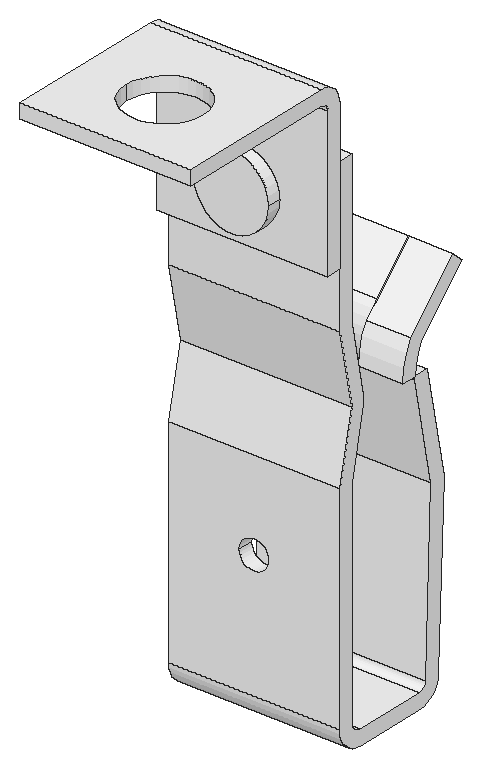
Revit family "freehanger", category 機械設備, Revit 2022
Family settings
  丸型コネクタ寸法 = 直径を使用
  種別 = なし
  パーツ タイプ = 標準
  作業面ベース = いいえ
  常に垂直 = はい
  ロード時にボイドで切り取り = いいえ
  注釈の向きを維持 = いいえ
  共有 = いいえ
  部屋計算ポイント = いいえ
Parameters
  製造元 = "株式会社桐井製作所"
  既定の高さ = 0 mm
  URL = "https://www.kirii.co.jp/"
  K_角度 [instance] = 90.00°
  K_材質 = "SGHC　一般用"
  K_品名 = "フリーハンガー"
  K_名称 = "その他ハンガー"
  K_入数 = "250"
  K_バージョン情報 = "20211012"
  K_めっき付着量 = "Z12"
  K_JIS規格 = "JIS G 3302"
Reference planes
  plane 1 "中心(正面/背面)": y = 0
  plane 2: z = 0
  plane 3 "中心(左/右)": x = 0
Forms (mm)
  Extrusion 1, solid
    sketch origin (0, -3.2, 0) x (0, 1, 0) y (0, 0, 1)
      loop
        line (3.2, -7) -> (3.2, 13)
        arc (3.2, 13) -> (2.321, 15.121) -> (0.2, 16) r 3
        line (0.2, 16) -> (-21.8, 16) -> (-21.8, 14) -> (0.2, 14)
        arc (0.2, 14) -> (0.907, 13.707) -> (1.2, 13) r 1
        line (1.2, 13) -> (1.2, -7) -> (3.2, -7)
    from -11.5 to 11.5
  Extrusion 2, solid
    sketch origin (0, 0, 0) x (1, 0, 0) y (0, 0, 1)
      loop
        circle (0, 0) r 5
    from 2 to 3.8
  Extrusion 3, void
    sketch origin (0, 1.737, 2) x (1, 0, 0) y (0, 1, 0)
      loop
        circle (0, -16.737) r 5.25
    from 12 to 14
Cuts and joins
  Extrusion 3 cuts Extrusion 1
  Extrusion 3 cuts Extrusion 2
  joined: Extrusion 1, Extrusion 2
Dimensions and locks
  "K_角度": angle nested 1 to plane 2
  aligned and locked: level to plane 2
Automatic sketch dimensions
  Extrusion 1 sketch curve to Extrusion 1 sketch curve = 0 mm  (x2)
  Extrusion 1 sketch curve to plane 1 "中心(正面/背面)" = 0 mm
  plane 1 "中心(正面/背面)" to Extrusion 1 sketch curve = 2 mm
  Extrusion 1 sketch curve to Extrusion 1 sketch curve = 1 mm
  Extrusion 1 sketch curve to Extrusion 1 sketch curve = 22 mm
  Extrusion 1 sketch curve to level = 7 mm
  level to Extrusion 1 sketch curve = 13 mm
  Extrusion 2 sketch curve to level = 0 mm
  Extrusion 2 sketch curve to plane 3 "中心(左/右)" = 0 mm
  Extrusion 3 sketch curve to plane 3 "中心(左/右)" = 0 mm
  plane 1 "中心(正面/背面)" to Extrusion 3 sketch curve = 15 mm
  radius of Extrusion 2 sketch curve = 5 mm
  radius of Extrusion 3 sketch curve = 5.25 mm
Nested families
  nested 1: "フリーハンガー下部金具" at (0, 2, 0), type "フリーハンガー下部金具"
Definition of nested family "フリーハンガー下部金具"
  Parameters (values of type "フリーハンガー下部金具")
    Manufacturer = "株式会社桐井製作所"
    Default Elevation = 0 mm
    URL = "https://www.kirii.co.jp/"
    K_名称 = "フリーハンガー下部金具"
    K_バージョン情報 = "20211012"
  Reference planes
    plane 1 "中心(正面/背面)": y = 0
    plane 2: z = 0
    plane 3 "中心(左/右)": x = 0
  Forms (mm)
    Extrusion 1, void
      sketch origin (0, -0.026, -64) x (1, 0, 0) y (0, 1, 0)
        loop
          line (-11.5, 19.214) -> (-11.5, 7.685) -> (-5.5, 7.685) -> (-5.5, 19.214) -> (-11.5, 19.214)
        loop
          line (5.5, 19.167) -> (5.5, 7.685) -> (11.5, 7.685) -> (11.5, 19.167) -> (5.5, 19.167)
      from 38.5 to 51.506
    Extrusion 2, solid
      sketch origin (0, 0, -64) x (1, 0, 0) y (0, 0, 1)
        loop
          circle (0, 63.915) r 3.5
      from -3.4 to 0
    Extrusion 3, void
      sketch origin (0, 0, -64) x (1, 0, 0) y (0, 0, 1)
        loop
          circle (0, 18.509) r 2
      from 0 to 2
    Extrusion 4, solid
      sketch origin (0, 0, -64) x (0, 1, 0) y (0, 0, 1)
        loop
          line (11.537, 0) -> (1.5, 0)
          arc (1.5, 0) -> (0.439, 0.439) -> (0, 1.5) r 1.5
          line (0, 1.5) -> (0, 30.372)
          arc (0, 30.372) -> (0.758, 34.673) -> (1.904, 38.888) r 48
          arc (1.904, 38.888) -> (2, 39.489) -> (1.911, 40.09) r 2
          arc (1.911, 40.09) -> (0.715, 44.795) -> (0, 49.596) r 48
          line (0, 49.596) -> (0, 70) -> (-2, 70) -> (-2, 49.5)
          arc (-2, 49.5) -> (-1.256, 44.449) -> (0, 39.5) r 50
          arc (0, 39.5) -> (-1.208, 35.046) -> (-2, 30.5) r 50
          line (-2, 30.5) -> (-2, 1.5)
          arc (-2, 1.5) -> (-0.975, -0.975) -> (1.5, -2) r 3.5
          line (1.5, -2) -> (11.611, -2)
          arc (11.611, -2) -> (13.692, -1.161) -> (14.609, 0.887) r 3
          line (14.609, 0.887) -> (15.494, 24.352) -> (12.637, 38.667)
          arc (12.637, 38.667) -> (12.017, 41.323) -> (13.197, 43.782) r 4.11
          line (13.197, 43.782) -> (18.5, 49.086) -> (17.086, 50.5) -> (11.823, 45.237)
          arc (11.823, 45.237) -> (10.103, 41.854) -> (10.709, 38.107) r 6.121
          line (10.709, 38.107) -> (13.425, 24.5) -> (12.536, 0.962)
          arc (12.536, 0.962) -> (12.231, 0.28) -> (11.537, 0) r 1
      from -11.5 to 11.5
    Extrusion 5, void
      sketch origin (0, 0.563, 0) x (1, 0, 0) y (0, 1, 0)
        loop
          circle (0, 6.038) r 2
      from -66 to -64
    Extrusion 6, void
      sketch origin (0, 3.144, -63.3) x (1, 0, 0) y (0, 1, 0)
        loop
          line (-5.5, 15.751) -> (-5.5, 4.568) -> (5.5, 4.568) -> (5.5, 15.751) -> (-5.5, 15.751)
      from 36.947 to 50.02
    Extrusion 7, solid
      sketch origin (0, 3.014, -63.3) x (0, 1, 0) y (0, 0, 1)
        loop
          line (15.5, 48.4) -> (14.072, 49.8) -> (7.001, 42.729)
          arc (7.001, 42.729) -> (6.024, 40.35) -> (5.686, 37.8) r 10
          line (5.686, 37.8) -> (7.686, 37.8)
          arc (7.686, 37.8) -> (7.925, 39.714) -> (8.615, 41.515) r 8
          line (8.615, 41.515) -> (15.5, 48.4)
      from -11.5 to 11.5
  Cuts and joins
    Extrusion 3, Extrusion 5 cuts Extrusion 2
    Extrusion 1, Extrusion 3, Extrusion 5 cuts Extrusion 4
    joined: Extrusion 2, Extrusion 4
    Extrusion 6 cuts Extrusion 7
  Dimensions and locks
    aligned and locked: level to plane 2
